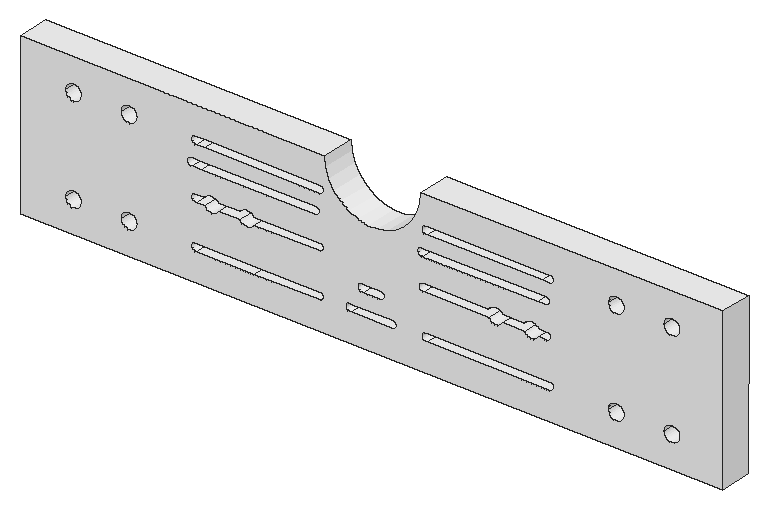
Revit family "Plumbing Fixture-Water_Closet_Carrier_Mifab_MC-36", category Plumbing Fixtures, host Wall, Revit 2013
Parameters
  URL = "www.mifab.com"
  Model = "MC-36"
  Manufacturer = "MIFAB"
  Floor Drain Material = Paint - Sherwin Williams Paint - #952C2A - Bellwood Red
  Description = "Wall Supported Plate System"
Reference planes (in)
  plane 1: y = 0
  plane 2 "Center (Left/Right)": x = -0.47711
  plane 3 "Back": y = 3
Forms (in)
  Extrusion 1, solid, material "Paint - Sherwin Williams Paint - #952C2A - Bellwood Red" <- "Floor Drain Material"
    sketch origin (-60, 3, 31.6107) x (-1, 0, 0) y (0, 0, 1)
      loop
        line (-48.52289, 5) -> (-58.06964, 5)
        arc (-58.06964, 5) -> (-59.56964, 3.5) -> (-61.06964, 5) r 1.5
        line (-61.06964, 5) -> (-70.52289, 5) -> (-70.52289, 0) -> (-48.52289, 0) -> (-48.52289, 5)
      loop
        circle (-68.94109, 4) r 0.25
      loop
        circle (-67.1982, 4) r 0.25
      loop
        circle (-50.1982, 4) r 0.25
      loop
        circle (-51.94109, 4) r 0.25
      loop
        arc (-65.11364, 4.125) -> (-65.23864, 4) -> (-65.11364, 3.875) r 0.125
        line (-65.11364, 3.875) -> (-64.8475, 3.875) -> (-61.23864, 3.875)
        arc (-61.23864, 3.875) -> (-61.11364, 4) -> (-61.23864, 4.125) r 0.125
        line (-61.23864, 4.125) -> (-64.84464, 4.125) -> (-65.11364, 4.125)
      loop
        line (-54.02565, 4.125) -> (-54.29464, 4.125) -> (-57.90065, 4.125)
        arc (-57.90065, 4.125) -> (-58.02565, 4) -> (-57.90065, 3.875) r 0.125
        line (-57.90065, 3.875) -> (-54.29179, 3.875) -> (-54.02565, 3.875)
        arc (-54.02565, 3.875) -> (-53.90065, 4) -> (-54.02565, 4.125) r 0.125
      loop
        circle (-68.94109, 1) r 0.25
      loop
        circle (-67.1982, 1) r 0.25
      loop
        circle (-50.1982, 1) r 0.25
      loop
        circle (-51.94109, 1) r 0.25
      loop
        line (-65.11364, 0.875) -> (-61.23864, 0.875)
        arc (-61.23864, 0.875) -> (-61.11364, 1) -> (-61.23864, 1.125) r 0.125
        line (-61.23864, 1.125) -> (-65.11364, 1.125)
        arc (-65.11364, 1.125) -> (-65.23864, 1) -> (-65.11364, 0.875) r 0.125
      loop
        arc (-54.02565, 0.875) -> (-53.90065, 1) -> (-54.02565, 1.125) r 0.125
        line (-54.02565, 1.125) -> (-55.8475, 1.125) -> (-57.90065, 1.125)
        arc (-57.90065, 1.125) -> (-58.02565, 1) -> (-57.90065, 0.875) r 0.125
        line (-57.90065, 0.875) -> (-55.84464, 0.875) -> (-54.02565, 0.875)
      loop
        line (-54.02565, 2.5) -> (-54.29464, 2.5)
        arc (-54.29464, 2.5) -> (-54.5097, 2.62253) -> (-54.72477, 2.5) r 0.25
        line (-54.72477, 2.5) -> (-55.41452, 2.5)
        arc (-55.41452, 2.5) -> (-55.62958, 2.62253) -> (-55.84464, 2.5) r 0.25
        line (-55.84464, 2.5) -> (-57.90065, 2.5)
        arc (-57.90065, 2.5) -> (-58.02565, 2.375) -> (-57.90065, 2.25) r 0.125
        line (-57.90065, 2.25) -> (-55.8475, 2.25)
        arc (-55.8475, 2.25) -> (-55.62958, 2.12253) -> (-55.41167, 2.25) r 0.25
        line (-55.41167, 2.25) -> (-54.72762, 2.25)
        arc (-54.72762, 2.25) -> (-54.5097, 2.12253) -> (-54.29179, 2.25) r 0.25
        line (-54.29179, 2.25) -> (-54.02565, 2.25)
        arc (-54.02565, 2.25) -> (-53.90065, 2.375) -> (-54.02565, 2.5) r 0.125
      loop
        arc (-64.9837, 3.48166) -> (-65.1087, 3.35666) -> (-64.9837, 3.23166) r 0.125
        line (-64.9837, 3.23166) -> (-64.71756, 3.23166) -> (-61.1087, 3.23166)
        arc (-61.1087, 3.23166) -> (-60.9837, 3.35666) -> (-61.1087, 3.48166) r 0.125
        line (-61.1087, 3.48166) -> (-64.7147, 3.48166) -> (-64.9837, 3.48166)
      loop
        line (-53.89571, 3.48166) -> (-54.1647, 3.48166) -> (-57.77071, 3.48166)
        arc (-57.77071, 3.48166) -> (-57.89571, 3.35666) -> (-57.77071, 3.23166) r 0.125
        line (-57.77071, 3.23166) -> (-54.16185, 3.23166) -> (-53.89571, 3.23166)
        arc (-53.89571, 3.23166) -> (-53.77071, 3.35666) -> (-53.89571, 3.48166) r 0.125
      loop
        arc (-65.02013, 2.5) -> (-65.14513, 2.375) -> (-65.02013, 2.25) r 0.125
        line (-65.02013, 2.25) -> (-64.75399, 2.25)
        arc (-64.75399, 2.25) -> (-64.53608, 2.12253) -> (-64.31816, 2.25) r 0.25
        line (-64.31816, 2.25) -> (-63.63411, 2.25)
        arc (-63.63411, 2.25) -> (-63.4162, 2.12253) -> (-63.19829, 2.25) r 0.25
        line (-63.19829, 2.25) -> (-61.14513, 2.25)
        arc (-61.14513, 2.25) -> (-61.02013, 2.375) -> (-61.14513, 2.5) r 0.125
        line (-61.14513, 2.5) -> (-63.20114, 2.5)
        arc (-63.20114, 2.5) -> (-63.4162, 2.62253) -> (-63.63126, 2.5) r 0.25
        line (-63.63126, 2.5) -> (-64.32102, 2.5)
        arc (-64.32102, 2.5) -> (-64.53608, 2.62253) -> (-64.75114, 2.5) r 0.25
        line (-64.75114, 2.5) -> (-65.02013, 2.5)
      loop
        line (-58.85967, 1.125) -> (-60.18611, 1.125)
        arc (-60.18611, 1.125) -> (-60.31111, 1) -> (-60.18611, 0.875) r 0.125
        line (-60.18611, 0.875) -> (-58.85967, 0.875)
        arc (-58.85967, 0.875) -> (-58.73467, 1) -> (-58.85967, 1.125) r 0.125
      loop
        line (-59.24031, 1.81489) -> (-59.80548, 1.81489)
        arc (-59.80548, 1.81489) -> (-59.93048, 1.68989) -> (-59.80548, 1.56489) r 0.125
        line (-59.80548, 1.56489) -> (-59.24031, 1.56489)
        arc (-59.24031, 1.56489) -> (-59.11531, 1.68989) -> (-59.24031, 1.81489) r 0.125
    from 0 to 1
Text (in)
  text "Placement Side" at (0, 40.15149, 123.01588), in view "Right"
  text "Placement Side" at (-70.3804, 45.82615, 0), in view "Ref. Level"
  text "Placement Side" at (0, 47.49176, 113.10569), in view "Left"
Dimensions and locks (in)
  locked: plane 3 "Back" to host wall
